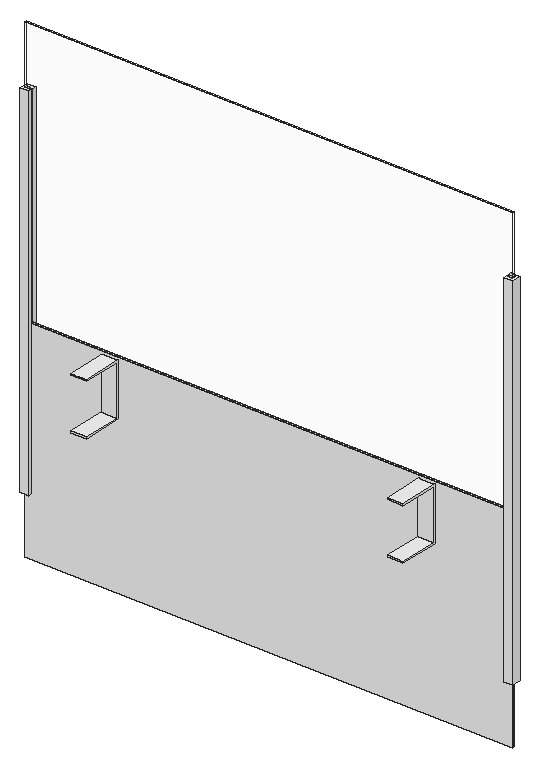
Revit family "Screens-Mounted-Teknion-JNSEGB-Glass_Elevated-R20161", category Furniture, Revit 2016
Family settings
  OmniClass Number = 23.40.20.00
  OmniClass Title = General Furniture and Specialties
  Work Plane-Based = No
  Always vertical = Yes
  Cut with Voids When Loaded = No
  Shared = Yes
  Room Calculation Point = No
Parameters (values of type "Standard Width")
  Side B = no
  Side A = no
  Mounting Hardware Offset [instance] = (Width - 16.379") / 2  # 12.8105"
  Glass Finish [instance] = Glass - Teknion - A5 - Standard - Clear
  Both Side = no
  Back Finish [instance] = Mica - Teknion - V - Satin - Very White
  Available Widths [instance] = if(Both Side, "48 to 84 inches in 6 inch increments", "24 to 84 inches in 6 inch increments")  # "24 to 84 inches in 6 inch increments"
  Width [instance] = 42.000"
  Warranty = "http://www.teknion.com/ca/papers/legal-canada"
  Unit Weight URL = "http://www.teknion.com/ca/tools/assets#&asset=bee6a381-b954-425e-8283-5a2de3a804f2,f828d448-4b62-4231-9e5f-9a8991c0ed77"
  URL = "www.teknion.com"
  Sustainability Data = "http://www.teknion.com/ca/tools/assets#&topic=216f99a5-57a0-44fc-b10a-9dee9b29ae4c&asset=444deb64-fe58-4b68-981e-f75e97781df7"
  Series = "Expansion Cityline"  # constant formula
  Screen Metal Frame Finish [instance] = Mica - Teknion - V - Satin - Very White
  Product Page URL = "http://www.teknion.com/ca/products/product-details?productlineid=9ad2a26e-8e7a-673b-a6c8-ff05004460c4"
  Product Line = "Expansion Cityline"  # constant formula
  Product Documentation Link = "https://www.teknion.com/pricing/expansion-cityline/pdfs/JNSEGB_ppg.pdf"
  Part Number = "JNSEGB"  # constant formula
  Model = "JNSEGB10__SS"
  Manufacturer Phone = "416-661-3370"  # constant formula
  Manufacturer Fax = "416.661.4586"  # constant formula
  Manufacturer Contact Information = "http://www.teknion.com/ca/contactus"
  Manufacturer Address = "1150 Flint Road, Toronto, ON. M3J 2J5. Canada"  # constant formula
  Manufacturer = "Teknion"  # constant formula
  Available Heights [instance] = "31, 42, and 51 inches"  # constant formula
  Height [instance] = 51.000"
  Standard Width = yes
  Description = "Glass Elevated Screen - Beam Mounted, 10\" Modesty Base Height, Standard Width, Standard Corner Detail"
  Assembly Code = "E2020200"
  Actual Width [instance] = if(Standard Width, Width - 0.040", if(or(Side A, Side B), Width + 0.792", Width + 1.622"))  # 41.960"
  Actual Height [instance] = if(Height = 51.000", 50.830", Height)  # 50.830"
Types (5): name | Side B | Side A | Mounting Hardware Offset | Both Side | Available Widths | Width | Model | Standard Width | Description | Actual Width
  (no name) | no | no | 12.8105" | no | "24 to 84 inches in 6 inch increments" | 42.000" | "JNSEGB10__SS" | yes | "Glass Elevated Screen - Beam Mounted, 10\" Modesty Base Height, Standard Width, Standard Corner Detail" | 41.960"
  Standard Width | no | no | 12.8105" | no | "24 to 84 inches in 6 inch increments" | 42.000" | "JNSEGB10__SS" | yes | "Glass Elevated Screen - Beam Mounted, 10\" Modesty Base Height, Standard Width, Standard Corner Detail" | 41.960"
  One Side - Left | no | yes | 33.8105" | no | "24 to 84 inches in 6 inch increments" | 84.000" | "JNSEGB10__LS" | no | "Glass Elevated Screen - Beam Mounted, 10\" Modesty Base Height, Left Side Width Extension, Standard Corner Detail" | 84.792"
  Both Side | no | no | 33.8105" | yes | "48 to 84 inches in 6 inch increments" | 84.000" | "JNSEGB10__BS" | no | "Glass Elevated Screen - Beam Mounted, 10\" Modesty Base Height, Both Sides Width Extension, Standard Corner Detail" | 85.622"
  One Side - Right | yes | no | 33.8105" | no | "24 to 84 inches in 6 inch increments" | 84.000" | "JNSEGB10__RS" | no | "Glass Elevated Screen - Beam Mounted, 10\" Modesty Base Height, Right Side Width Extension, Standard Corner Detail" | 84.792"
Reference planes (in)
  plane 1 "Center Front/Back": y = 0
  plane 2: z = 0
  plane 3 "Center Left/Right": x = 0
  plane 4 "Left": x = -20.98
  plane 5 "Right": x = 20.98
  plane 6 "Back": y = 0.35433
  plane 7 "Front": y = -3.26772
  plane 8 "Top": z = 50.83
  plane 9: z = 10
  plane 10: y = 0.11811
  plane 11: x = -20.765
  plane 12: x = 20.765
  plane 13: z = 23.30315
  plane 14: z = 23.42126
  plane 15: z = 27.69291
  plane 16: z = 27.81102
  plane 17: x = -12.8105
  plane 18: x = -14.14908
  plane 19: x = 12.8105
  plane 20: x = 14.14879
  plane 21: x = 20.2304
  plane 22: x = -20.2304
  plane 23: y = 0.61122
  plane 24: y = -0.13878
  plane 25: z = 28
  plane 26: z = 45.83
  plane 27: z = 15
  plane 28: y = 0.14811
Forms (in)
  Extrusion 1, solid, material "Glass - Teknion - A5 - Standard - Clear" <- "Glass Finish"
    sketch origin (0, -3.26772, 0) x (-1, 0, 0) y (0, 0, -1)
      loop
        line (20.765, -28) -> (20.765, -10) -> (-20.765, -10) -> (-20.765, -28) -> (20.765, -28)
    from -3.62205 to -3.41583
  Extrusion 2, solid, material "Mica - Teknion - V - Satin - Very White" <- "Screen Metal Frame Finish"
    sketch origin (-20.98, 0, 0) x (0, 1, 0) y (0, 0, 1)
      loop
        line (-3.26772, 27.81102) -> (-3.26772, 27.69291) -> (0, 27.69291) -> (0, 23.42126) -> (-3.26772, 23.42126) -> (-3.26772, 23.30315) -> (0.11811, 23.30315) -> (0.11811, 27.81102) -> (-3.26772, 27.81102)
    from 6.83092 to 8.1695
  Extrusion 3, solid, material "Mica - Teknion - V - Satin - Very White" <- "Screen Metal Frame Finish"
    sketch origin (-20.98, 0, 0) x (0, 1, 0) y (0, 0, 1)
      loop
        line (-3.26772, 27.81102) -> (-3.26772, 27.69291) -> (0, 27.69291) -> (0, 23.42126) -> (-3.26772, 23.42126) -> (-3.26772, 23.30315) -> (0.11811, 23.30315) -> (0.11811, 27.81102) -> (-3.26772, 27.81102)
    from 33.7905 to 35.12879
  Extrusion 4, solid, material "Mica - Teknion - V - Satin - Very White" <- "Screen Metal Frame Finish"
    sketch origin (0, 0, 0) x (1, 0, 0) y (0, 1, 0)
      loop
        line (-20.98, 0.61122) -> (-20.98, -0.13878) -> (-20.2304, -0.13878) -> (-20.2304, 0.11811) -> (-20.765, 0.11811) -> (-20.765, 0.35433) -> (-20.2304, 0.35433) -> (-20.2304, 0.61122) -> (-20.98, 0.61122)
      loop
        line (20.98, 0.61122) -> (20.2304, 0.61122) -> (20.2304, 0.35433) -> (20.765, 0.35433) -> (20.765, 0.11811) -> (20.2304, 0.11811) -> (20.2304, -0.13878) -> (20.98, -0.13878) -> (20.98, 0.61122)
    from 15 to 45.83
  Extrusion 5, solid, material "Glass - Teknion - A5 - Standard - Clear" <- "Glass Finish"
    sketch origin (0, 0, 0) x (1, 0, 0) y (0, 1, 0)
      loop
        line (-20.765, 0.35433) -> (-20.765, 0.11811) -> (20.765, 0.11811) -> (20.765, 0.35433) -> (-20.765, 0.35433)
    from 28 to 50.83
  Extrusion 6, solid, material "Mica - Teknion - V - Satin - Very White" <- "Back Finish"
    sketch origin (0, -3.26772, 0) x (-1, 0, 0) y (0, 0, -1)
      loop
        line (20.765, -28) -> (20.765, -10) -> (-20.765, -10) -> (-20.765, -28) -> (20.765, -28)
    from -3.41583 to -3.38583
Lines and regions (in)
  Masking region 1, detail levels medium+fine
    outline origin (0, 0, 0) x (1, 0, 0) y (0, 1, 0)
      loop
        line (-14.14908, -0.13878) -> (-14.14908, -3.26772) -> (-12.8105, -3.26772) -> (-12.8105, -0.13878) -> (-14.14908, -0.13878)
      loop
        line (12.8105, -0.13878) -> (12.8105, -3.26772) -> (14.14879, -3.26772) -> (14.14879, -0.13878) -> (12.8105, -0.13878)
  Masking region 2
    outline origin (0, 0, 0) x (1, 0, 0) y (0, 1, 0)
      loop
        line (-20.98, 0.61122) -> (-20.98, -0.13878) -> (-20.2304, -0.13878) -> (-20.2304, 0.11811) -> (20.2304, 0.11811) -> (20.2304, -0.13878) -> (20.98, -0.13878) -> (20.98, 0.61122) -> (20.2304, 0.61122) -> (20.2304, 0.35433) -> (-20.2304, 0.35433) -> (-20.2304, 0.61122) -> (-20.98, 0.61122)
  Masking region 3
    outline origin (0, 0, 0) x (1, 0, 0) y (0, 1, 0)
      loop
        line (-14.14908, 0.11811) -> (-14.14908, -0.13878) -> (-12.8105, -0.13878) -> (-12.8105, 0.11811) -> (-14.14908, 0.11811)
  Masking region 4
    outline origin (0, 0, 0) x (1, 0, 0) y (0, 1, 0)
      loop
        line (12.8105, 0.11811) -> (12.8105, -0.13878) -> (14.14879, -0.13878) -> (14.14879, 0.11811) -> (12.8105, 0.11811)
  symbolic lines, style "FurnitureHiddenLines", detail levels medium+fine
    curve 1: line (-14.14908, 0, 0) -> (-12.8105, 0, 0)
    curve 2: line (12.8105, 0, 0) -> (14.14879, 0, 0)
  symbolic lines, style "Furniture"
    curve 3: line (20.765, 0.35433, 0) -> (20.765, 0.11811, 0)
  symbolic lines
    curve 4: line (-20.765, 0.35433, 0) -> (-20.2304, 0.35433, 0)
    curve 5: line (-20.765, 0.35433, 0) -> (-20.765, 0.11811, 0)
    curve 6: line (-20.765, 0.11811, 0) -> (-20.2304, 0.11811, 0)
    curve 7: line (20.2304, 0.35433, 0) -> (20.765, 0.35433, 0)
    curve 8: line (20.2304, 0.11811, 0) -> (20.765, 0.11811, 0)
  symbolic lines, style "FurnitureHiddenLines", detail levels fine
    curve 9: line (-20.765, 0.14811, 0) -> (20.765, 0.14811, 0)
  symbolic lines, detail levels medium+fine
    curve 10: line (-14.14908, -0.13878, 0) -> (-12.8105, -0.13878, 0)
Dimensions and locks (in)
  "Actual Width": plane 4 "Left" to plane 5 "Right"
  plane 23 to plane 6 "Back" to plane 28 to plane 10 to plane 1 "Center Front/Back" to plane 24 to plane 7 "Front" = 0.25689" locked, 0.20622" locked, 0.030" locked, 0.11811" locked, 0.13878" locked, 3.12894" locked
  "Actual Height": plane 8 "Top" to level
  plane 25 to plane 16 to plane 15 to plane 14 to plane 13 to plane 27 to plane 9 to level = 0.18898" locked, 0.11811" locked, 4.27165" locked, 0.11811" locked, 8.30315" locked, 5.000" locked, 10.000" locked
  plane 4 "Left" to plane 11 to plane 22 = 0.215" locked, 0.5346" locked
  plane 21 to plane 12 to plane 5 "Right" = 0.5346" locked, 0.215" locked
  locked: plane 18 to plane 17 at 1.33858
  "Mounting Hardware Offset": plane 3 "Center Left/Right" to plane 19
  locked: plane 19 to plane 20 at 1.33829
  "Mounting Hardware Offset": plane 17 to plane 3 "Center Left/Right"
  equal spacing: plane 4 "Left", plane 3 "Center Left/Right", plane 5 "Right"
  locked: plane 8 "Top" to plane 26 at 5
  aligned and locked: level to plane 2
  aligned and locked: Extrusion 1 sketch curve to plane 11
  aligned and locked: Extrusion 1 sketch curve to plane 12
  aligned and locked: plane 18 to Extrusion 2
  aligned and locked: Extrusion 2 to plane 17
  aligned and locked: Extrusion 3 sketch curve to plane 16
  aligned and locked: Extrusion 3 sketch curve to plane 7 "Front"
  aligned and locked: Extrusion 3 sketch curve to plane 13
  aligned and locked: Extrusion 3 sketch curve to plane 14
  aligned and locked: plane 1 "Center Front/Back" to Extrusion 3 sketch curve
  aligned and locked: Extrusion 3 sketch curve to plane 15
  aligned and locked: plane 10 to Extrusion 3 sketch curve
  aligned and locked: plane 7 "Front" to Extrusion 3 sketch curve
  aligned and locked: plane 20 to Extrusion 3
  aligned and locked: Extrusion 3 to plane 19
  aligned and locked: Masking region 1 sketch curve to plane 18
  aligned and locked: plane 17 to Masking region 1 sketch curve
  aligned and locked: Masking region 1 sketch curve to plane 7 "Front"  (x2)
  aligned and locked: Masking region 1 sketch curve to plane 19
  aligned and locked: Masking region 1 sketch curve to plane 20
  aligned and locked: curve 1 to Extrusion 2
  aligned and locked: curve 3 to plane 12
  aligned and locked: plane 25 to Extrusion 1
  aligned and locked: plane 9 to Extrusion 1
  aligned and locked: Extrusion 4 sketch curve to plane 22
  aligned and locked: plane 22 to Extrusion 4 sketch curve
  aligned and locked: Extrusion 4 sketch curve to plane 10
  aligned and locked: Extrusion 4 sketch curve to plane 6 "Back"
  aligned and locked: Extrusion 4 sketch curve to plane 11
  aligned and locked: Extrusion 4 sketch curve to plane 24
  aligned and locked: Extrusion 4 sketch curve to plane 4 "Left"
  aligned and locked: Extrusion 4 sketch curve to plane 23
  aligned and locked: plane 23 to Extrusion 4 sketch curve
  aligned and locked: Extrusion 4 sketch curve to plane 21  (x2)
  aligned and locked: plane 10 to Extrusion 4 sketch curve
  aligned and locked: plane 6 "Back" to Extrusion 4 sketch curve
  aligned and locked: Extrusion 4 sketch curve to plane 12
  aligned and locked: plane 5 "Right" to Extrusion 4 sketch curve
  aligned and locked: plane 26 to Extrusion 4
  aligned and locked: Extrusion 4 to plane 27
  aligned and locked: plane 11 to Extrusion 5 sketch curve
  aligned and locked: Extrusion 5 sketch curve to plane 6 "Back"
  aligned and locked: plane 10 to Extrusion 5 sketch curve
  aligned and locked: Extrusion 5 sketch curve to plane 12
  aligned and locked: Extrusion 5 to plane 25
  aligned and locked: Extrusion 5 to plane 8 "Top"
  aligned and locked: Extrusion 1 to plane 28
  aligned and locked: plane 6 "Back" to Extrusion 1
  aligned and locked: Extrusion 6 sketch curve to plane 25
  aligned and locked: Extrusion 6 sketch curve to plane 11
  aligned and locked: Extrusion 6 sketch curve to plane 12
  aligned and locked: Extrusion 6 sketch curve to plane 9
  aligned and locked: plane 28 to Extrusion 6
  aligned and locked: Extrusion 6 to plane 10
  aligned and locked: Masking region 2 sketch curve to plane 4 "Left"
  aligned and locked: plane 22 to Masking region 2 sketch curve  (x2)
  aligned and locked: Masking region 2 sketch curve to plane 6 "Back"
  aligned and locked: Masking region 2 sketch curve to plane 10
  aligned and locked: Masking region 2 sketch curve to plane 21  (x2)
  aligned and locked: plane 5 "Right" to Masking region 2 sketch curve
  aligned and locked: Masking region 2 sketch curve to plane 23
  aligned and locked: Masking region 2 sketch curve to plane 24
  aligned and locked: curve 7 to Masking region 2
  aligned and locked: Masking region 2 to curve 8
  aligned and locked: curve 9 to plane 28
  aligned and locked: plane 24 to Extrusion 4
  aligned and locked: Extrusion 2 to plane 16
  aligned and locked: Extrusion 2 to plane 15
  aligned and locked: plane 1 "Center Front/Back" to Extrusion 2
  aligned and locked: Extrusion 2 to plane 14
  aligned and locked: Extrusion 2 to plane 13
  aligned and locked: plane 7 "Front" to Extrusion 2  (x2)
  aligned and locked: plane 10 to Extrusion 2
  aligned and locked: plane 24 to curve 10
  aligned and locked: Masking region 3 sketch curve to Extrusion 2  (x2)
  aligned and locked: Masking region 3 sketch curve to Masking region 1  (x2)
  aligned and locked: plane 24 to Masking region 1 sketch curve
  aligned and locked: Masking region 4 sketch curve to Extrusion 3  (x2)
  aligned and locked: Masking region 4 sketch curve to Masking region 1  (x2)
Automatic sketch dimensions
  plane 7 "Front" to Extrusion 2 sketch curve = 0.000"  (x2)
  Extrusion 2 sketch curve to plane 16 = 0.000"
  plane 13 to Extrusion 2 sketch curve = 0.000"
  Extrusion 2 sketch curve to plane 14 = 0.000"
  plane 15 to Extrusion 2 sketch curve = 0.000"
  plane 1 "Center Front/Back" to Extrusion 2 sketch curve = 0.000"
  plane 10 to Extrusion 2 sketch curve = 0.000"
  Extrusion 1 sketch curve to plane 25 = 0.000"
  Extrusion 1 sketch curve to plane 9 = 0.000"
  plane 24 to Extrusion 4 sketch curve = 0.000"
  plane 24 to Masking region 2 sketch curve = 0.000"
  Masking region 2 sketch curve to plane 23 = 0.000"
  curve 6 to plane 10 = 0.000"
  curve 6 to plane 11 = 0.000"
  curve 4 to plane 6 "Back" = 0.000"
  curve 4 to plane 22 = 0.000"
  curve 6 to plane 22 = 0.000"
  curve 10 to plane 18 = 0.000"
  curve 1 to plane 18 = 0.000"
  curve 10 to plane 17 = 0.000"
  curve 1 to plane 17 = 0.000"
  plane 1 "Center Front/Back" to curve 2 = 0.000"
  curve 2 to plane 19 = 0.000"
  curve 2 to plane 20 = 0.000"
  curve 8 to plane 21 = 0.000"
  curve 7 to plane 21 = 0.000"
  plane 24 to Masking region 1 sketch curve = 0.000"
